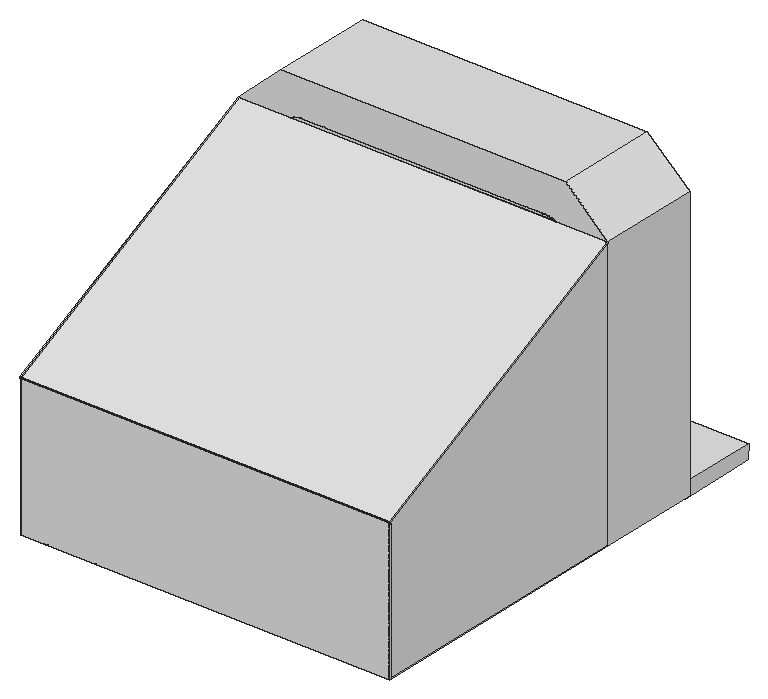
Revit family "Plumbing_Sloan_Sink_EHS-1000p", category Plumbing Fixtures, host Face, Revit 2019
Family settings
  Host = Face
  Round Connector Dimension = Use Diameter
  Part Type = Normal
  OmniClass Number = 23.45.05.14.14
  OmniClass Title = Sinks/Lavatories
  Cut with Voids When Loaded = No
  Shared = No
  Room Calculation Point = No
Parameters (values of type "EHS-1000")
  Width = 19"
  Waste Connection = yes
  Voltage = 110 V
  Vent Connection = no
  URL = "https://www.sloan.com/"
  Product data url = "https://bimobject.com/sloan_valve/product/sinks_stainless-steel_ehs-1000"
  Product Material = Sloan - Metal - Stainless Steel 304
  Power Factor = 1
  Number of Poles = 1
  Model = "EHS-1000"
  Manufacturer = "Sloan Valve"  # constant formula
  Keynote = "10000"
  Height = 23"
  HW Connection = no
  Frequency = 60 Hz
  Drain Pipe Diameter = 1 1/2"  # constant formula
  Drain Flow = 0.0 GPM
  Description = "Stainless Steel 1-Station Wall-Mounted Handwashing Sink."  # constant formula
  Depth = 16"
  Default Elevation = 32"
  Current = 15 A
  CW Connection = no
  Assembly Code = "D2010400"
  Apparent Load = Voltage * Current  # 1650 VA
  Actual Water Flow = 0.0 GPM
Reference planes (in)
  plane 1 "Center (Front/Back)": y = 0
  plane 2: z = 0
  plane 3 "Center (Left/Right)": x = 0
  plane 4: y = -14
  plane 5: x = 9.5
  plane 6: x = -9.5
  plane 7: z = 7.25
  plane 8: z = 16
  plane 9 "mid": y = -5.25
  plane 10 "bottom": y = -19.25
  plane 11: z = 14
  plane 12: y = 3.75
  plane 13: z = 2.32783
Forms (in)
  Extrusion 1, solid, material "Sloan - Metal - Stainless Steel 304" <- "Product Material", detail levels coarse+medium
    sketch origin (0, 0, 0) x (1, 0, 0) y (0, 0, 1)
      loop
        line (-9.5, 0) -> (9.5, 0) -> (9.5, 14) -> (7.30546, 16) -> (-7.30546, 16) -> (-9.5, 14) -> (-9.5, 0)
    from 0 to 5.25
  Extrusion 2, solid, material "Sloan - Metal - Stainless Steel 304" <- "Product Material", detail levels fine
    sketch origin (0, 0, 0) x (1, 0, 0) y (0, 0, 1)
      loop
        line (-9.5, 14) -> (-9.5, 0) -> (9.5, 0) -> (9.5, 14) -> (7.30546, 16) -> (-7.30546, 16) -> (-9.5, 14)
      loop
        line (-7.2671, 13.15566) -> (-7.2671, 5.65566)
        arc (-7.2671, 5.65566) -> (-6.9742, 4.94856) -> (-6.2671, 4.65566) r 1
        line (-6.2671, 4.65566) -> (6.25, 4.65566)
        arc (6.25, 4.65566) -> (6.95711, 4.94856) -> (7.25, 5.65566) r 1
        line (7.25, 5.65566) -> (7.25, 13.15566)
        arc (7.25, 13.15566) -> (6.95711, 13.86277) -> (6.25, 14.15566) r 1
        line (6.25, 14.15566) -> (-6.2671, 14.15566)
        arc (-6.2671, 14.15566) -> (-6.9742, 13.86277) -> (-7.2671, 13.15566) r 1
    from 0 to 5.25
  Extrusion 3, solid, material "Sloan - Metal - Stainless Steel 304" <- "Product Material", detail levels medium+fine
    sketch origin (0, 0, 0) x (0, 1, 0) y (0, 0, 1)
      loop
        line (3.75, 0.75) -> (-0.25, 0.75) -> (-0.25, 0) -> (3.75, 0) -> (3.75, 0.75)
    from -9.5 to 9.5
  Extrusion 4, solid, material "Sloan - Metal - Stainless Steel 304" <- "Product Material", detail levels fine
    sketch origin (0, 0, 0) x (0, 1, 0) y (0, 0, 1)
      loop
        line (-5.25, 14) -> (-19.25, 7.25) -> (-19.25, 0) -> (-5.25, 0) -> (-5.25, 14)
    from 9.45582 to 9.5
  Sweep 5, solid, material "Sloan - Metal - Stainless Steel 304" <- "Product Material", detail levels fine
    path origin (0, 0, 0) x (0, 1, 0) y (0, 0, 1)
      loop
        line (-8.1575, -4.5395) -> (-8.1575, 1.51817)
        arc (-8.1575, 1.51817) -> (-8.68972, 2.69704) -> (-9.92593, 3.07752) r 1.57171
        arc (-9.92593, 3.07752) -> (-11.49219, 4.37359) -> (-10.10046, 5.8555) r 1.39447
        line (-10.10046, 5.8555) -> (-5.25, 5.8555)
    profile origin (0, -8.1575, -1.51067) x (0, -1, 0) y (1, 0, 0)
      loop
        circle (0, 0) r 0.75
  Extrusion 6, solid, material "Sloan - Metal - Stainless Steel 304" <- "Product Material", detail levels fine
    sketch origin (0, 0, 0) x (0, 1, 0) y (0, 0, -1)
      loop
        line (-5.25, -14) -> (-5.25, 0) -> (-19.25, 0) -> (-19.25, -7.25) -> (-5.25, -14)
    from 9.45582 to 9.5
  Extrusion 7, solid, material "Sloan - Metal - Stainless Steel 304" <- "Product Material", detail levels fine
    sketch origin (0, 0, 0) x (0, 1, 0) y (0, 0, 1)
      loop
        line (-5.25, 14) -> (-19.25, 7.25) -> (-19.25, 7.21256) -> (-5.25, 13.96256) -> (-5.25, 14)
    from -9.5 to 9.5
  Extrusion 8, solid, material "Sloan - Metal - Stainless Steel 304" <- "Product Material", detail levels fine
    sketch origin (0, 0, 0) x (0, 1, 0) y (0, 0, 1)
      loop
        line (-19.25, 7.21256) -> (-19.25, 0) -> (-19.21867, 0) -> (-19.21867, 7.22767) -> (-19.25, 7.21256)
    from -9.5 to 9.5
  Extrusion 9, solid, material "Sloan - Metal - Stainless Steel 304" <- "Product Material", detail levels fine
    sketch origin (0, 0, 0) x (1, 0, 0) y (0, 1, 0)
      loop
        line (-9.5, -19.25) -> (9.5, -19.25) -> (9.5, 3.75) -> (-9.5, 3.75) -> (-9.5, -19.25)
      loop
        line (-1.5, -7.25) -> (-1.5, -10.25) -> (1.5, -10.25) -> (1.5, -7.25) -> (-1.5, -7.25)
      loop
        line (7.5, -14.75) -> (-0.5, -14.75) -> (-0.5, -16.75) -> (7.5, -16.75) -> (7.5, -14.75)
    from 0 to 0.01507
  Extrusion 10, solid, material "Sloan - Metal - Stainless Steel 304" <- "Product Material", detail levels fine
    sketch origin (-8, 0, 0) x (1, 0, 0) y (0, 1, 0)
      loop
        line (5.5, -12.25) -> (2.5, -12.25) -> (2.5, -16.25) -> (5.5, -16.25) -> (5.5, -12.25)
    from -0.03143 to 0
  Extrusion 11, solid, material "Sloan - Metal - Stainless Steel 304" <- "Product Material", detail levels coarse+medium
    sketch origin (0, 0, 0) x (0, 1, 0) y (0, 0, 1)
      loop
        line (-5.25, 14) -> (-19.25, 7.25) -> (-19.25, 0) -> (-5.25, 0) -> (-5.25, 14)
    from -9.5 to 9.5
  Extrusion 12, solid, material "Sloan - Metal - Stainless Steel 304" <- "Product Material", detail levels fine
    sketch origin (0, 0, 0) x (1, 0, 0) y (0, 0, 1)
      loop
        line (-6.80291, 14) -> (6.78581, 14)
        arc (6.78581, 14) -> (6.52898, 14.11596) -> (6.25, 14.15566) r 1
        line (6.25, 14.15566) -> (-6.2671, 14.15566)
        arc (-6.2671, 14.15566) -> (-6.54608, 14.11596) -> (-6.80291, 14) r 1
    from 5.24026 to 5.25
  Extrusion 13, void
    sketch origin (0, 0, 0) x (1, 0, 0) y (0, 0, 1)
      loop
        circle (0, 5.8555) r 1.16849
    from 4.97119 to 5.13597
  Extrusion 14, solid, material "Sloan - Metal - Stainless Steel 304" <- "Product Material", detail levels fine
    sketch origin (0, -5.25, 0) x (0, 0, 1) y (-1, 0, 0)
      loop
        line (5.65566, -7.25) -> (13.15566, -7.25)
        arc (13.15566, -7.25) -> (13.86277, -6.95711) -> (14.15566, -6.25) r 1
        line (14.15566, -6.25) -> (14.15566, 6.2671)
        arc (14.15566, 6.2671) -> (13.86277, 6.9742) -> (13.15566, 7.2671) r 1
        line (13.15566, 7.2671) -> (5.65566, 7.2671)
        arc (5.65566, 7.2671) -> (4.94856, 6.9742) -> (4.65566, 6.2671) r 1
        line (4.65566, 6.2671) -> (4.65566, -6.25)
        arc (4.65566, -6.25) -> (4.94856, -6.95711) -> (5.65566, -7.25) r 1
    from 0 to -0.20767
  Sweep 15, void
    path origin (0, 0, 0) x (0, 1, 0) y (0, 0, 1)
      loop
        line (-8.1575, -4.5395) -> (-8.1575, 0.01507)
    profile origin (0, -8.1575, -2.26222) x (0, -1, 0) y (1, 0, 0)
      loop
        circle (0, 0) r 0.75
Cuts and joins
  Extrusion 13 cuts Extrusion 14
Lines and regions (in)
  Masking region 1
    outline origin (0, 0, 0) x (1, 0, 0) y (0, 0, 1)
      loop
        line (7.30546, 16) -> (-7.30546, 16) -> (-9.5, 14) -> (-9.5, 0) -> (9.5, 0) -> (9.5, 14) -> (7.30546, 16)
  symbolic lines, detail levels medium+fine
    curve 1: line (6.25, 0, 14.15566) -> (-6.2671, 0, 14.15566)
    curve 2: arc (-6.2671, 0, 14.15566) -> (-6.9742, 0, 13.86277) -> (-7.2671, 0, 13.15566) r 1
    curve 3: line (-7.2671, 0, 13.15566) -> (-7.2671, 0, 5.65566)
    curve 4: arc (-7.2671, 0, 5.65566) -> (-6.9742, 0, 4.94856) -> (-6.2671, 0, 4.65566) r 1
    curve 5: line (-6.2671, 0, 4.65566) -> (6.25, 0, 4.65566)
    curve 6: arc (6.25, 0, 4.65566) -> (6.95711, 0, 4.94856) -> (7.25, 0, 5.65566) r 1
    curve 7: line (7.25, 0, 5.65566) -> (7.25, 0, 13.15566)
    curve 8: arc (7.25, 0, 13.15566) -> (6.95711, 0, 13.86277) -> (6.25, 0, 14.15566) r 1
  symbolic lines, detail levels fine
    curve 9: arc (-1.38499, 0, 2.32783) -> (0, 0, 0.94284) -> (1.38499, 0, 2.32783) r 1.38499
    curve 10: arc (1.38499, 0, 2.32783) -> (0, 0, 3.71282) -> (-1.38499, 0, 2.32783) r 1.38499
    curve 11: arc (1.16849, -5.25, 5.8555) -> (0, -5.25, 7.02398) -> (-1.16849, -5.25, 5.8555) r 1.16849
    curve 12: arc (-1.16849, -5.25, 5.8555) -> (0, -5.25, 4.68701) -> (1.16849, -5.25, 5.8555) r 1.16849
Dimensions and locks (in)
  locked: plane 7 to plane 2 at 7.25
  locked: plane 8 to plane 7 at 8.75
  locked: plane 1 "Center (Front/Back)" to plane 9 "mid" at 5.25
  locked: plane 9 "mid" to plane 10 "bottom" at 14
  locked: plane 8 to plane 11 at 2
  equal spacing: plane 6, plane 3 "Center (Left/Right)", plane 5
  "Width": plane 6 to plane 5
  locked: Extrusion 9 sketch curve to Extrusion 9 sketch curve at 3  (x2)
  locked: Extrusion 9 sketch curve to plane 3 "Center (Left/Right)" at 1.5
  locked: Extrusion 10 sketch curve to Extrusion 10 sketch curve at 4
  locked: Extrusion 10 sketch curve to Extrusion 10 sketch curve at 3
  locked: Extrusion 2 sketch curve to Extrusion 2 sketch curve at 9.5
  locked: plane 12 to plane 1 "Center (Front/Back)" at 3.75
  locked: plane 2 to plane 13 at 2.32783
  aligned and locked: plane 2 to host face
  aligned and locked: level to host face
  aligned and locked: Extrusion 1 sketch curve to plane 6
  aligned and locked: Extrusion 1 sketch curve to plane 5
  aligned and locked: Extrusion 1 sketch curve to plane 8
  aligned and locked: Extrusion 2 sketch curve to plane 6
  aligned and locked: plane 5 to Extrusion 4
  aligned and locked: plane 6 to Extrusion 6
  aligned and locked: plane 6 to Extrusion 11
  aligned and locked: plane 5 to Extrusion 11
Automatic sketch dimensions
  host sketch curve to host sketch curve = 96"  (x2)
  Extrusion 1 sketch curve to level = 0"
  Extrusion 1 sketch curve to plane 11 = 0"  (x2)
  Extrusion 1 sketch curve to plane 6 = 2.19454"
  Extrusion 1 sketch curve to plane 5 = 2.19454"
  Extrusion 2 sketch curve to plane 8 = 0"
  Extrusion 2 sketch curve to level = 0"
  Extrusion 2 sketch curve to plane 5 = 0"
  Extrusion 2 sketch curve to plane 11 = 0"  (x2)
  Extrusion 2 sketch curve to plane 6 = 2.19454"
  Extrusion 2 sketch curve to plane 6 = 2.2329"
  Extrusion 2 sketch curve to Extrusion 2 sketch curve = 1"  (x2)
  plane 11 to Extrusion 2 sketch curve = 0.15566"
  Extrusion 2 sketch curve to plane 11 = 0.84434"
  Extrusion 2 sketch curve to Extrusion 2 sketch curve = 1.05546"
  Extrusion 3 sketch curve to level = 0"
  plane 1 "Center (Front/Back)" to Extrusion 3 sketch curve = 1/4"
  Extrusion 3 sketch curve to plane 1 "Center (Front/Back)" = 3 3/4"
  level to Extrusion 3 sketch curve = 3/4"
  Extrusion 4 sketch curve to level = 0"
  Extrusion 4 sketch curve to plane 10 "bottom" = 0"
  Extrusion 4 sketch curve to plane 9 "mid" = 0"
  Extrusion 4 sketch curve to plane 7 = 0"
  plane 11 to Extrusion 4 sketch curve = 0"
  Sweep 5 sketch curve to plane 3 "Center (Left/Right)" = 0"
  Sweep 5 sketch curve to profile plane = 0"
  Extrusion 6 sketch curve to level = 0"
  Extrusion 6 sketch curve to plane 10 "bottom" = 0"
  Extrusion 6 sketch curve to plane 9 "mid" = 0"
  Extrusion 6 sketch curve to plane 11 = 0"
  Extrusion 6 sketch curve to plane 7 = 0"
  Extrusion 7 sketch curve to plane 7 = 0"
  Extrusion 7 sketch curve to plane 10 "bottom" = 0"
  Extrusion 7 sketch curve to plane 9 "mid" = 0"
  plane 11 to Extrusion 7 sketch curve = 0"
  Extrusion 7 sketch curve to plane 7 = 0.03744"
  Extrusion 7 sketch curve to Extrusion 7 sketch curve = 0.03744"
  Extrusion 8 sketch curve to level = 0"
  Extrusion 8 sketch curve to plane 10 "bottom" = 0"
  Extrusion 8 sketch curve to plane 10 "bottom" = 0.03133"
  Extrusion 8 sketch curve to plane 7 = 0.03744"
  Extrusion 8 sketch curve to plane 7 = 0.02233"
  Extrusion 9 sketch curve to plane 6 = 0"
  Extrusion 9 sketch curve to plane 5 = 0"
  plane 10 "bottom" to Extrusion 9 sketch curve = 0"
  plane 4 to Extrusion 9 sketch curve = 3 3/4"
  Extrusion 9 sketch curve to plane 1 "Center (Front/Back)" = 3 3/4"
  plane 4 to Extrusion 10 sketch curve = 1 3/4"
  Extrusion 11 sketch curve to plane 7 = 0"
  plane 11 to Extrusion 11 sketch curve = 0"
  Extrusion 11 sketch curve to plane 10 "bottom" = 0"
  Extrusion 11 sketch curve to plane 9 "mid" = 0"
  Extrusion 11 sketch curve to level = 0"
  Extrusion 12 sketch curve to plane 11 = 0"
  plane 11 to Extrusion 12 sketch curve = 0.15566"
  Extrusion 12 sketch curve to plane 11 = 0.84434"  (x2)
  plane 4 to Sweep 5 sketch curve = 3.89954"
  Sweep 5 sketch curve to Sweep 5 sketch curve = 0.37125"
  Sweep 5 sketch curve to Sweep 5 sketch curve = 1.57171"
  level to Sweep 5 sketch curve = 1.51817"
  Sweep 5 sketch curve to plane 7 = 2.78897"
  Sweep 5 sketch curve to Sweep 5 sketch curve = 1.39447"
  plane 9 "mid" to Sweep 5 sketch curve = 0"
  Sweep 5 sketch curve to level = 4.5395"
  Extrusion 9 sketch curve to plane 4 = 3/4"
  Extrusion 9 sketch curve to plane 5 = 2"
  Extrusion 9 sketch curve to plane 3 "Center (Left/Right)" = 1/2"
  Extrusion 9 sketch curve to Extrusion 9 sketch curve = 2"
  Masking region 1 sketch curve to plane 8 = 0"
  Masking region 1 sketch curve to plane 5 = 0"
  Masking region 1 sketch curve to plane 11 = 0"  (x2)
  Masking region 1 sketch curve to plane 5 = 2.19454"
  Masking region 1 sketch curve to plane 6 = 2.19454"
  plane 6 to Masking region 1 sketch curve = 0"
  Masking region 1 sketch curve to level = 0"
  plane 11 to curve 1 = 0.15566"
  curve 3 to plane 11 = 0.84434"
  curve 6 to curve 7 = 1"
  curve 5 to plane 7 = 2.59434"
  Extrusion 14 sketch curve to plane 7 = 2.59434"
  Extrusion 14 sketch curve to Extrusion 14 sketch curve = 1"  (x2)
  Extrusion 14 sketch curve to plane 11 = 0.84434"  (x2)
  plane 11 to Extrusion 14 sketch curve = 0.15566"
  Extrusion 14 sketch curve to plane 5 = 2 1/4"
  level to Sweep 15 sketch curve = 0.01507"
  plane 9 "mid" to Sweep 15 sketch curve = 2.9075"
  Sweep 15 sketch curve to level = 4.5395"
  Sweep 15 sketch curve to plane 3 "Center (Left/Right)" = 0"
  Sweep 15 sketch curve to profile plane = 0"
  Extrusion 13 sketch curve to plane 3 "Center (Left/Right)" = 0"
  Extrusion 13 sketch curve to plane 7 = 1.3945"
  curve 11 to curve 12 = 0"  (x2)
  curve 12 to plane 3 "Center (Left/Right)" = 0"
  curve 12 to plane 7 = 1.3945"
  plane 3 "Center (Left/Right)" to curve 12 = 1.16849"
  curve 8 to plane 11 = 0.84434"
  curve 8 to plane 5 = 3 1/4"
  Extrusion 2 sketch curve to plane 7 = 1.59434"
  Extrusion 2 sketch curve to plane 5 = 3 1/4"
  Extrusion 12 sketch curve to plane 5 = 3 1/4"
  curve 5 to plane 6 = 3.2329"
  curve 1 to plane 6 = 3.2329"
  Extrusion 10 sketch curve to plane 6 = 4"
  Extrusion 12 sketch curve to plane 6 = 3.2329"
  Extrusion 14 sketch curve to plane 6 = 3.2329"
  curve 9 to curve 10 = 0"  (x2)
  curve 10 to plane 13 = 0"
  curve 10 to plane 3 "Center (Left/Right)" = 0"
  curve 10 to curve 9 = 1.38499"
  radius of Sweep 5 sketch curve = 3/4"
  radius of Sweep 15 sketch curve = 3/4"
  radius of Extrusion 13 sketch curve = 1.16849"
Connectors (in)
  electrical at (-4, -14.25, 0), driven by "Number of Poles", driven by "Voltage", driven by "Power Factor", driven by "Apparent Load"
    settings: on Extrusion 10, index 1, voltage 110 V, apparent load 1650 VA, apparent load phase1 0 VA, apparent load phase2 0 VA, apparent load phase3 0 VA, power factor 1, load classification "Other", number of poles 1, system type 30, power factor state 1, is connector primary yes, connector utility no, sub classification motor no, connector description "Electrical Connection"
  piping at (0, -8.1575, -4.5395), diameter 1.5, driven by "Drain Pipe Diameter", driven by "Drain Flow"
    settings: on Sweep 5, index 4, connector inside diameter 609.6 mm, connector length 0", flow factor 0, pipe flow 0.0 GPM, pressure drop 0.0 Pa, fitting loss kfactor 0, connector angle 0.00°, fixture units 0, engagement length 0", angle of deflection 0.00°, flow configuration 0, flow direction 2, fitting loss method 0, system type 16, joint type 0, gender type 0, connector reference index -1, connector utility 0, adjustable connector no, is connector primary yes, connector description "Drain Outlet"
